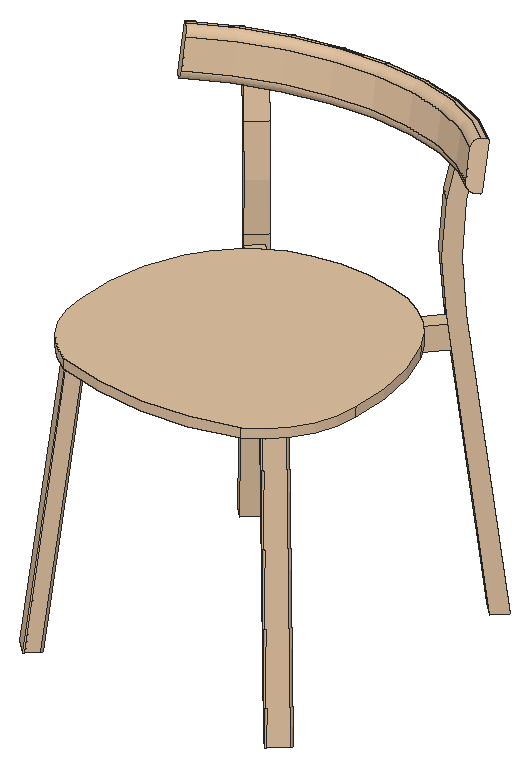
Revit family "FU_Chair_Sandler_Timber 1-10", category Furniture, Revit 2020
Family settings
  OmniClass Number = 23.40.20.00
  OmniClass Title = General Furniture and Specialties
  Work Plane-Based = No
  Always vertical = Yes
  Cut with Voids When Loaded = No
  Shared = No
  Room Calculation Point = No
Parameters (values of type "Timber 1.10")
  Width = 555 mm
  URL = "https://www.sandlerseating.com/product/timber-1-10/"
  Model = "Timber 1.10"
  Manufacturer = "Sandler"
  Height = 795 mm
  Frame = Wood - Beech - Oiled Oak
  Description = "Side chair with a wooden seat and back on a solid beech frame."
  Depth = 550 mm
  Default Elevation = 0 mm
Reference planes
  plane 1 "Center (Front/Back)": y = 0
  plane 2: z = 0
  plane 3 "Center (Left/Right)": x = 0
  plane 4 "Right": x = -277.5
  plane 5 "Left": x = 277.5
  plane 6 "Back": y = 275
  plane 7 "Front": y = -275
  plane 8 "Height": z = 795
  plane 9 "Seat height": z = 480
  plane 10 "FL C RIGHT": through (4267.2, -241.794, 3.771) normal (0, -0.9956, 0.0933)
  plane 11 "FLL C FRONT": through (218.068, -1524, 3.738) normal (-0.996, 0, -0.089)
  plane 12 "Seat Frame Base RIGHT": z = 424.002
  plane 13 "Back C Angle RIGHT": through (4267.2, 132.052, 763.163) normal (0, 0.1979, 0.9802)
Forms (mm)
  Sweep 1, solid, material "Wood - Beech - Oiled Oak" <- "Frame"
    path origin (0, -240.042, 22.484) x (0, -0.093258, -0.995642) y (1, 0, 0)
      loop
        line (26.824, 218.84) -> (-446.272, 176.358)
    profile origin (197.599, -220.483, 231.294) x (-0.995993, -0.008341, -0.089046) y (0, -0.995642, 0.093258)
      loop
        arc (21.232, 2.156) -> (21.824, 3.557) -> (21.273, 4.973) r 2.021
        line (21.273, 4.973) -> (5.487, 21.694)
        arc (5.487, 21.694) -> (4.081, 22.312) -> (2.658, 21.735) r 1.973
        line (2.658, 21.735) -> (-21.459, -2.383)
        arc (-21.459, -2.383) -> (-22.04, -3.756) -> (-21.5, -5.146) r 1.983
        line (-21.5, -5.146) -> (-5.737, -21.854)
        arc (-5.737, -21.854) -> (-4.288, -22.492) -> (-2.821, -21.897) r 2.033
        line (-2.821, -21.897) -> (21.232, 2.156)
  Extrusion 2, solid, material "Wood - Beech - Oiled Oak" <- "Frame"
    sketch origin (-114.915, 220.821, 0) x (0.694658, 0.71934, 0) y (0, 0, 1)
      loop
        line (235.568, 0) -> (262.432, 0) -> (202.187, 480)
        arc (202.187, 480) -> (196.765, 570) -> (202.187, 660) r 749.759
        arc (202.187, 660) -> (211.87, 708.404) -> (223.806, 756.303) r 1055.801
        arc (223.806, 756.303) -> (223.621, 757.811) -> (222.43, 758.754) r 2
        line (222.43, 758.754) -> (200.727, 764.997)
        arc (200.727, 764.997) -> (199.222, 764.829) -> (198.274, 763.648) r 1.984
        arc (198.274, 763.648) -> (185.076, 712.306) -> (175.323, 660.201) r 796.447
        arc (175.323, 660.201) -> (168.473, 570.1) -> (175.323, 480) r 595.989
        line (175.323, 480) -> (235.568, 0)
    from 205 to 239.99
  Extrusion 3, solid, material "Wood - Beech - Oiled Oak" <- "Frame"
    sketch origin (0, 0, 424.002) x (0, -1, 0) y (1, 0, 0)
      loop
        line (-186.338, -184.228) -> (0.927, -19.234) -> (185.238, -181.625) -> (205.688, -161.175) -> (103.954, -71.54) -> (103.954, 71.54) -> (204.319, 159.969) -> (183.869, 180.419) -> (0.927, 19.234) -> (-185.15, 183.181) -> (-205.6, 162.731) -> (-103.954, 73.173) -> (-103.954, -73.173) -> (-206.788, -163.778) -> (-186.338, -184.228)
      loop
        line (79.765, 50.228) -> (22.757, 0) -> (79.765, -50.228) -> (79.765, 50.228)
      loop
        line (-79.765, 51.861) -> (-79.765, -51.861) -> (-20.903, 0) -> (-79.765, 51.861)
    from 0 to 40
  Sweep 4, solid, material "Wood - Beech - Oiled Oak" <- "Frame"
    path origin (0, -240.042, 22.484) x (0, -0.093258, -0.995642) y (-1, 0, 0)
      loop
        line (26.824, 218.84) -> (-446.272, 176.358)
    profile origin (-197.599, -220.483, 231.294) x (-0.995993, 0.008341, 0.089046) y (0, -0.995642, 0.093258)
      loop
        line (-21.232, 2.156) -> (2.821, -21.897)
        arc (2.821, -21.897) -> (4.288, -22.492) -> (5.737, -21.854) r 2.033
        line (5.737, -21.854) -> (21.5, -5.146)
        arc (21.5, -5.146) -> (22.04, -3.756) -> (21.459, -2.383) r 1.983
        line (21.459, -2.383) -> (-2.658, 21.735)
        arc (-2.658, 21.735) -> (-4.081, 22.312) -> (-5.487, 21.694) r 1.973
        line (-5.487, 21.694) -> (-21.273, 4.973)
        arc (-21.273, 4.973) -> (-21.824, 3.557) -> (-21.232, 2.156) r 2.021
  Extrusion 5, solid, material "Wood - Beech - Oiled Oak" <- "Frame"
    sketch origin (114.915, 220.821, 0) x (-0.694658, 0.71934, 0) y (0, 0, -1)
      loop
        line (235.568, 0) -> (175.323, -480)
        arc (175.323, -480) -> (168.473, -570.1) -> (175.323, -660.201) r 595.989
        arc (175.323, -660.201) -> (185.076, -712.306) -> (198.274, -763.648) r 796.447
        arc (198.274, -763.648) -> (199.222, -764.829) -> (200.727, -764.997) r 1.984
        line (200.727, -764.997) -> (222.43, -758.754)
        arc (222.43, -758.754) -> (223.621, -757.811) -> (223.806, -756.303) r 2
        arc (223.806, -756.303) -> (211.87, -708.404) -> (202.187, -660) r 1055.801
        arc (202.187, -660) -> (196.765, -570) -> (202.187, -480) r 749.759
        line (202.187, -480) -> (262.432, 0) -> (235.568, 0)
    from 205 to 239.99
  Sweep 6, solid, material "Wood - Beech - Oiled Oak" <- "Frame"
    path origin (0, 153.179, 758.898) x (0, -0.980231, 0.197854) y (1, 0, 0)
      loop
        arc (12.194, -256.61) -> (-98.855, 0) -> (12.194, 256.61) r 352.007
    profile "pro_Timber_1-10_back : pro_Timber_1-10_back" origin (0, 250.08, 739.34) x (0, 0.980231, -0.197854) y (0, 0.197854, 0.980231)
      loop
        line (15.956, 40.304) -> (7.975, 40.304)
        arc (7.975, 40.304) -> (-2.631, 35.911) -> (-7.025, 25.304) r 15
        line (-7.025, 25.304) -> (-7.025, -25.304)
        arc (-7.025, -25.304) -> (-2.631, -35.911) -> (7.975, -40.304) r 15
        line (7.975, -40.304) -> (16, -40.304)
        arc (16, -40.304) -> (17.414, -39.718) -> (18, -38.304) r 2
        line (18, -38.304) -> (18, 38.26)
        arc (18, 38.26) -> (17.401, 39.706) -> (15.956, 40.304) r 2.044
  Extrusion 7, solid, material "Wood - Beech - Oiled Oak" <- "Frame"
    sketch origin (0, 0, 480) x (-1, 0, 0) y (0, -1, 0)
      loop
        arc (-156.418, 248.122) -> (-219.603, 186.495) -> (-243.779, 101.607) r 171.525
        arc (-243.779, 101.607) -> (-239.496, 5.237) -> (-208.914, -86.252) r 347.881
        arc (-208.914, -86.252) -> (-152.505, -155.265) -> (-71.802, -193.106) r 201.029
        arc (-71.802, -193.106) -> (0, -200.851) -> (71.802, -193.106) r 336.703
        arc (71.802, -193.106) -> (152.505, -155.265) -> (208.914, -86.252) r 201.029
        arc (208.914, -86.252) -> (239.496, 5.237) -> (243.779, 101.607) r 347.881
        arc (243.779, 101.607) -> (219.603, 186.495) -> (156.418, 248.122) r 171.525
        arc (156.418, 248.122) -> (0, 273.142) -> (-156.418, 248.122) r 501.439
    from -15.998 to 0
  Extrusion 8, void
    sketch origin (0, 0, 0) x (0, 1, 0) y (0, 0, 1)
      loop
        line (-275, -18.18) -> (-211.03, -18.18) -> (-211.03, 0) -> (-275, 0) -> (-275, -18.18)
    from -250 to 250
Cuts and joins
  Extrusion 8 cuts Sweep 4
  Extrusion 8 cuts Sweep 1
Dimensions and locks
  equal spacing: plane 4 "Right", plane 3 "Center (Left/Right)", plane 5 "Left"
  "Width": plane 4 "Right" to plane 5 "Left"
  equal spacing: plane 6 "Back", plane 1 "Center (Front/Back)", plane 7 "Front"
  "Depth": plane 6 "Back" to plane 7 "Front"
  "Height": plane 8 "Height" to level
  plane 9 "Seat height" to level = 480 mm
  aligned and locked: level to plane 2
Automatic sketch dimensions
  plane 5 "Left" to Sweep 1 sketch curve = 101.142 mm
  plane 5 "Left" to Sweep 1 sketch curve = 58.66 mm
  Sweep 1 sketch curve to Sweep 1 sketch curve = 473.096 mm
  Sweep 1 sketch curve to plane 10 "FL C RIGHT" = 5.146 mm
  profile plane to Sweep 1 sketch curve = 21.5 mm
  Sweep 1 sketch curve to plane 10 "FL C RIGHT" = 2.383 mm
  Sweep 1 sketch curve to Sweep 1 sketch curve = 0.04 mm
  Sweep 1 sketch curve to Sweep 1 sketch curve = 1.442 mm
  profile plane to Sweep 1 sketch curve = 5.737 mm
  Sweep 1 sketch curve to Sweep 1 sketch curve = 1.478 mm
  Sweep 1 sketch curve to Sweep 1 sketch curve = 1.437 mm
  Sweep 1 sketch curve to profile plane = 2.658 mm
  Sweep 1 sketch curve to Sweep 1 sketch curve = 1.395 mm  (x2)
  Sweep 1 sketch curve to Sweep 1 sketch curve = 1.434 mm
  plane 10 "FL C RIGHT" to Sweep 1 sketch curve = 3.586 mm
  Sweep 1 sketch curve to profile plane = 19.803 mm
  plane 10 "FL C RIGHT" to Sweep 1 sketch curve = 2.156 mm
  Sweep 1 sketch curve to Sweep 1 sketch curve = 1.429 mm
  plane 10 "FL C RIGHT" to Sweep 1 sketch curve = 4.973 mm
  Sweep 1 sketch curve to plane 10 "FL C RIGHT" = 20.459 mm
  plane 10 "FL C RIGHT" to Sweep 1 sketch curve = 20.34 mm
  Sweep 1 sketch curve to Sweep 1 sketch curve = 1.354 mm
  Extrusion 2 sketch curve to plane 9 "Seat height" = 0 mm  (x2)
  Extrusion 2 sketch curve to level = 0 mm
  Extrusion 2 sketch curve to plane 8 "Height" = 31.91 mm
  Extrusion 2 sketch curve to Extrusion 2 sketch curve = 24.855 mm
  Extrusion 2 sketch curve to plane 8 "Height" = 30.003 mm
  Extrusion 2 sketch curve to Extrusion 2 sketch curve = 0.548 mm
  Extrusion 2 sketch curve to Extrusion 2 sketch curve = 26.864 mm  (x3)
  Extrusion 2 sketch curve to Extrusion 2 sketch curve = 21.699 mm
  Extrusion 2 sketch curve to plane 8 "Height" = 36.246 mm
  Extrusion 2 sketch curve to Extrusion 2 sketch curve = 0.553 mm
  Extrusion 2 sketch curve to Extrusion 2 sketch curve = 33.382 mm
  plane 9 "Seat height" to Extrusion 2 sketch curve = 90.1 mm
  Extrusion 2 sketch curve to Extrusion 2 sketch curve = 562.275 mm
  plane 9 "Seat height" to Extrusion 2 sketch curve = 90 mm
  Extrusion 2 sketch curve to Extrusion 2 sketch curve = 182.063 mm
  Extrusion 2 sketch curve to Extrusion 2 sketch curve = 16.092 mm
  Extrusion 2 sketch curve to plane 9 "Seat height" = 2.86 mm
  Extrusion 2 sketch curve to Extrusion 2 sketch curve = 279.416 mm
  Extrusion 2 sketch curve to Extrusion 2 sketch curve = 30.205 mm
  Extrusion 2 sketch curve to Extrusion 2 sketch curve = 1.922 mm
  Extrusion 2 sketch curve to Extrusion 2 sketch curve = 0 mm
  Extrusion 3 sketch curve to plane 3 "Center (Left/Right)" = 0 mm  (x2)
  Extrusion 3 sketch curve to plane 6 "Back" = 68.212 mm
  Extrusion 3 sketch curve to plane 6 "Back" = 69.4 mm
  Extrusion 3 sketch curve to Extrusion 3 sketch curve = 20.45 mm  (x8)
  Extrusion 3 sketch curve to plane 1 "Center (Front/Back)" = 103.954 mm
  Extrusion 3 sketch curve to Extrusion 3 sketch curve = 24.189 mm  (x2)
  Extrusion 3 sketch curve to plane 1 "Center (Front/Back)" = 20.903 mm
  plane 1 "Center (Front/Back)" to Extrusion 3 sketch curve = 0.927 mm  (x2)
  plane 1 "Center (Front/Back)" to Extrusion 3 sketch curve = 22.757 mm
  Extrusion 3 sketch curve to Extrusion 3 sketch curve = 57.008 mm
  plane 7 "Front" to Extrusion 3 sketch curve = 91.131 mm
  plane 7 "Front" to Extrusion 3 sketch curve = 89.762 mm
  Extrusion 3 sketch curve to plane 3 "Center (Left/Right)" = 19.234 mm
  Extrusion 3 sketch curve to plane 3 "Center (Left/Right)" = 50.228 mm
  Extrusion 3 sketch curve to plane 3 "Center (Left/Right)" = 51.861 mm
  Extrusion 3 sketch curve to Extrusion 3 sketch curve = 21.312 mm  (x4)
  Extrusion 3 sketch curve to plane 4 "Right" = 116.325 mm
  Extrusion 3 sketch curve to plane 4 "Right" = 113.722 mm
  plane 3 "Center (Left/Right)" to Extrusion 3 sketch curve = 19.234 mm
  plane 3 "Center (Left/Right)" to Extrusion 3 sketch curve = 50.228 mm
  plane 3 "Center (Left/Right)" to Extrusion 3 sketch curve = 51.861 mm
  plane 5 "Left" to Extrusion 3 sketch curve = 117.531 mm
  plane 5 "Left" to Extrusion 3 sketch curve = 114.769 mm
  plane 4 "Right" to Sweep 4 sketch curve = 101.142 mm
  plane 4 "Right" to Sweep 4 sketch curve = 58.66 mm
  Sweep 4 sketch curve to Sweep 4 sketch curve = 473.096 mm
  plane 10 "FL C RIGHT" to Sweep 4 sketch curve = 4.973 mm
  profile plane to Sweep 4 sketch curve = 21.273 mm
  plane 10 "FL C RIGHT" to Sweep 4 sketch curve = 2.156 mm
  Sweep 4 sketch curve to Sweep 4 sketch curve = 0.041 mm
  Sweep 4 sketch curve to Sweep 4 sketch curve = 1.429 mm
  profile plane to Sweep 4 sketch curve = 5.487 mm
  Sweep 4 sketch curve to Sweep 4 sketch curve = 1.434 mm
  Sweep 4 sketch curve to Sweep 4 sketch curve = 1.395 mm  (x2)
  Sweep 4 sketch curve to profile plane = 2.821 mm
  Sweep 4 sketch curve to Sweep 4 sketch curve = 1.437 mm
  Sweep 4 sketch curve to Sweep 4 sketch curve = 1.478 mm
  Sweep 4 sketch curve to plane 10 "FL C RIGHT" = 3.785 mm
  Sweep 4 sketch curve to profile plane = 20.057 mm
  Sweep 4 sketch curve to plane 10 "FL C RIGHT" = 2.383 mm
  Sweep 4 sketch curve to Sweep 4 sketch curve = 1.402 mm
  Sweep 4 sketch curve to plane 10 "FL C RIGHT" = 5.146 mm
  Sweep 4 sketch curve to plane 10 "FL C RIGHT" = 20.459 mm
  plane 10 "FL C RIGHT" to Sweep 4 sketch curve = 20.34 mm
  Sweep 4 sketch curve to Sweep 4 sketch curve = 1.354 mm
  Extrusion 5 sketch curve to plane 9 "Seat height" = 0 mm  (x2)
  Extrusion 5 sketch curve to level = 0 mm
  Extrusion 5 sketch curve to plane 8 "Height" = 31.91 mm
  Extrusion 5 sketch curve to Extrusion 5 sketch curve = 24.855 mm
  Extrusion 5 sketch curve to plane 8 "Height" = 30.003 mm
  Extrusion 5 sketch curve to Extrusion 5 sketch curve = 0.548 mm
  Extrusion 5 sketch curve to Extrusion 5 sketch curve = 26.864 mm  (x3)
  Extrusion 5 sketch curve to Extrusion 5 sketch curve = 21.699 mm
  Extrusion 5 sketch curve to plane 8 "Height" = 36.246 mm
  Extrusion 5 sketch curve to Extrusion 5 sketch curve = 0.553 mm
  Extrusion 5 sketch curve to Extrusion 5 sketch curve = 33.382 mm
  plane 9 "Seat height" to Extrusion 5 sketch curve = 90.1 mm
  Extrusion 5 sketch curve to Extrusion 5 sketch curve = 562.275 mm
  plane 9 "Seat height" to Extrusion 5 sketch curve = 90 mm
  Extrusion 5 sketch curve to Extrusion 5 sketch curve = 182.063 mm
  Extrusion 5 sketch curve to Extrusion 5 sketch curve = 16.092 mm
  Extrusion 5 sketch curve to plane 9 "Seat height" = 2.86 mm
  Extrusion 5 sketch curve to Extrusion 5 sketch curve = 279.416 mm
  Extrusion 5 sketch curve to Extrusion 5 sketch curve = 1.922 mm
  Extrusion 5 sketch curve to Extrusion 5 sketch curve = 30.205 mm
  Extrusion 5 sketch curve to Extrusion 5 sketch curve = 0 mm
  Sweep 6 sketch curve to plane 3 "Center (Left/Right)" = 0 mm
  plane 5 "Left" to Sweep 6 sketch curve = 20.89 mm
  Sweep 6 sketch curve to Sweep 6 sketch curve = 240.958 mm
  Sweep 6 sketch curve to plane 4 "Right" = 20.89 mm
  Extrusion 7 sketch curve to plane 3 "Center (Left/Right)" = 0 mm  (x2)
  plane 1 "Center (Front/Back)" to Extrusion 7 sketch curve = 3.299 mm  (x2)
  plane 3 "Center (Left/Right)" to Extrusion 7 sketch curve = 28.933 mm
  plane 3 "Center (Left/Right)" to Extrusion 7 sketch curve = 72.279 mm
  Extrusion 7 sketch curve to Extrusion 7 sketch curve = 30.265 mm  (x2)
  Extrusion 7 sketch curve to plane 3 "Center (Left/Right)" = 28.933 mm
  Extrusion 7 sketch curve to plane 3 "Center (Left/Right)" = 72.279 mm
  Extrusion 7 sketch curve to plane 6 "Back" = 46.704 mm
  plane 1 "Center (Front/Back)" to Extrusion 7 sketch curve = 68.716 mm  (x2)
  Extrusion 7 sketch curve to Extrusion 7 sketch curve = 29.935 mm  (x2)
  Extrusion 7 sketch curve to Extrusion 7 sketch curve = 37.201 mm
  plane 3 "Center (Left/Right)" to Extrusion 7 sketch curve = 71.802 mm
  Extrusion 7 sketch curve to Extrusion 7 sketch curve = 0 mm  (x4)
  plane 7 "Front" to Extrusion 7 sketch curve = 26.878 mm  (x2)
  plane 5 "Left" to Extrusion 7 sketch curve = 121.082 mm
  Extrusion 8 sketch curve to level = 0 mm
  Extrusion 8 sketch curve to plane 7 "Front" = 0 mm
  plane 7 "Front" to Extrusion 8 sketch curve = 63.97 mm
  Extrusion 8 sketch curve to level = 18.18 mm
